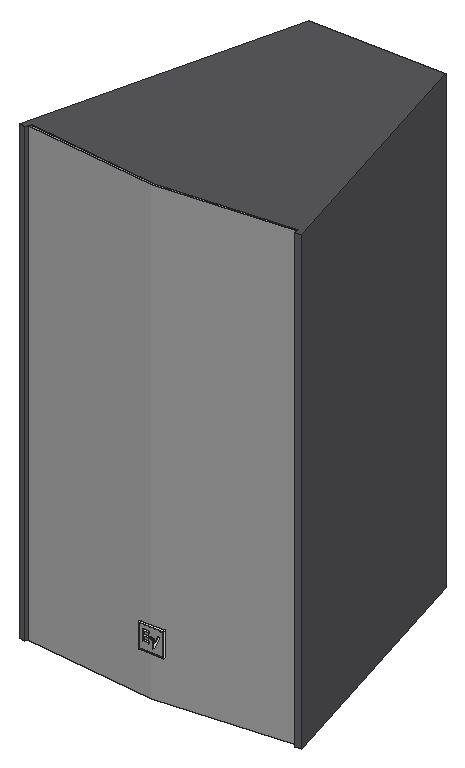
Revit family "EVF-1152D", category Communication Devices, Revit 2017 (continued)
Definition of nested family "InputPanelV"
  Lines and regions (mm)
    model lines
      curve 859: line (18.904, -4.337, 82.938) -> (18.904, -4.337, 80.821)
      curve 860: line (-0.303, -4.337, 82.936) -> (-0.303, -4.337, 80.818)
      curve 861: line (-0.303, -4.337, 80.818) -> (-0.014, -4.337, 80.818)
      curve 862: line (-0.014, -4.337, 80.818) -> (-0.014, -4.337, 82.936)
      curve 863: line (-0.014, -4.337, 82.936) -> (-0.303, -4.337, 82.936)
      curve 864: line (-0.303, -4.337, 82.936) -> (-0.303, -4.337, 83.627)
      curve 865: line (24.922, -4.337, 83.63) -> (24.922, -4.337, 82.939)
      curve 866: line (24.922, -4.337, 82.939) -> (24.635, -4.337, 82.939)
      curve 867: line (24.635, -4.337, 82.939) -> (24.635, -4.337, 80.821)
      curve 868: line (24.635, -4.337, 80.821) -> (24.923, -4.337, 80.821)
      curve 869: line (24.923, -4.337, 80.821) -> (24.922, -4.337, 82.939)
      curve 870: line (2.646, -4.337, 82.333) -> (4.834, -4.337, 84.126)
      curve 871: line (4.834, -4.337, 84.126) -> (5.167, -4.337, 83.635)
      curve 872: line (8.952, -4.337, 82.333) -> (11.141, -4.337, 84.127)
      curve 873: line (11.141, -4.337, 84.127) -> (11.473, -4.337, 83.636)
      curve 874: line (2.391, -4.337, 82.36) -> (4.343, -4.337, 83.959)
      curve 875: line (4.343, -4.337, 83.959) -> (4.343, -4.337, 84.529)
      curve 876: line (4.343, -4.337, 84.529) -> (1.855, -4.337, 82.491)
      curve 877: line (8.697, -4.337, 82.36) -> (10.649, -4.337, 83.96)
      curve 878: line (10.649, -4.337, 83.96) -> (10.649, -4.337, 84.529)
      curve 879: line (10.649, -4.337, 84.529) -> (8.162, -4.337, 82.491)
      curve 880: line (15.004, -4.337, 82.361) -> (16.955, -4.337, 83.961)
      curve 881: line (16.955, -4.337, 83.961) -> (16.955, -4.337, 84.53)
      curve 882: line (16.955, -4.337, 84.53) -> (14.468, -4.337, 82.492)
      curve 883: line (15.258, -4.337, 82.334) -> (17.447, -4.337, 84.128)
      curve 884: line (17.447, -4.337, 84.128) -> (17.779, -4.337, 83.637)
      curve 885: line (21.565, -4.337, 82.335) -> (23.753, -4.337, 84.128)
      curve 886: line (23.753, -4.337, 84.128) -> (24.086, -4.337, 83.637)
      curve 887: line (21.31, -4.337, 82.362) -> (23.262, -4.337, 83.961)
      curve 888: line (23.262, -4.337, 83.961) -> (23.262, -4.337, 84.531)
      curve 889: line (23.262, -4.337, 84.531) -> (20.774, -4.337, 82.493)
      curve 890: line (21.88, -4.337, 79.397) -> (24.923, -4.337, 79.398)
      curve 891: line (24.923, -4.337, 79.398) -> (24.924, -4.337, 73.974)
      curve 892: line (24.924, -4.337, 73.974) -> (-0.302, -4.337, 73.971)
      curve 893: line (-0.302, -4.337, 73.971) -> (-0.302, -4.337, 79.395)
      curve 894: line (24.923, -4.337, 80.821) -> (24.923, -4.337, 79.398)
      curve 895: line (24.924, -4.337, 73.974) -> (24.924, -4.337, 73.648)
      curve 896: line (24.924, -4.337, 73.648) -> (-0.302, -4.337, 73.645)
      curve 897: line (-0.302, -4.337, 73.645) -> (-0.302, -4.337, 73.971)
      curve 898: line (-0.302, -4.337, 73.971) -> (-0.429, -4.337, 73.842)
      curve 899: line (-0.429, -4.337, 73.842) -> (-0.607, -4.337, 73.72)
      curve 900: line (6.303, -4.337, 73.19) -> (11.814, -4.337, 73.191)
      curve 901: line (11.814, -4.337, 73.191) -> (11.815, -4.337, 68.976)
      curve 902: line (11.815, -4.337, 68.976) -> (6.303, -4.337, 68.975)
      curve 903: line (6.303, -4.337, 68.975) -> (6.303, -4.337, 73.19)
      curve 904: line (5.707, -4.337, 68.975) -> (0.195, -4.337, 68.974)
      curve 905: line (0.195, -4.337, 68.974) -> (0.195, -4.337, 73.19)
      curve 906: line (0.195, -4.337, 73.19) -> (5.707, -4.337, 73.19)
      curve 907: line (5.707, -4.337, 73.19) -> (5.707, -4.337, 68.975)
      curve 908: line (-0.302, -4.337, 73.645) -> (-0.301, -4.337, 68.519)
      curve 909: line (-0.301, -4.337, 68.519) -> (24.924, -4.337, 68.522)
      curve 910: line (24.924, -4.337, 68.522) -> (24.924, -4.337, 73.648)
      curve 911: line (18.915, -4.337, 73.192) -> (24.427, -4.337, 73.193)
      curve 912: line (24.427, -4.337, 73.193) -> (24.428, -4.337, 68.977)
      curve 913: line (24.428, -4.337, 68.977) -> (18.916, -4.337, 68.977)
      curve 914: line (18.916, -4.337, 68.977) -> (18.915, -4.337, 73.192)
      curve 915: line (18.32, -4.337, 68.977) -> (12.808, -4.337, 68.976)
      curve 916: line (12.808, -4.337, 68.976) -> (12.808, -4.337, 73.191)
      curve 917: line (12.808, -4.337, 73.191) -> (18.319, -4.337, 73.192)
      curve 918: line (18.319, -4.337, 73.192) -> (18.32, -4.337, 68.977)
      curve 919: line (20.082, -4.337, 73.192) -> (20.082, -4.337, 71.784)
      curve 920: line (20.082, -4.337, 71.784) -> (19.394, -4.337, 71.458)
      curve 921: line (19.394, -4.337, 71.458) -> (18.916, -4.337, 71.073)
      curve 922: line (7.47, -4.337, 73.19) -> (7.47, -4.337, 71.782)
      curve 923: line (7.47, -4.337, 71.782) -> (6.782, -4.337, 71.456)
      curve 924: line (6.782, -4.337, 71.456) -> (6.303, -4.337, 71.071)
      curve 925: line (17.152, -4.337, 73.192) -> (17.153, -4.337, 71.783)
      curve 926: line (17.153, -4.337, 71.783) -> (17.841, -4.337, 71.458)
      curve 927: line (17.841, -4.337, 71.458) -> (18.32, -4.337, 71.073)
      curve 928: line (4.54, -4.337, 73.19) -> (4.54, -4.337, 71.782)
      curve 929: line (4.54, -4.337, 71.782) -> (5.228, -4.337, 71.456)
      curve 930: line (5.228, -4.337, 71.456) -> (5.707, -4.337, 71.071)
      curve 931: line (1.163, -4.337, 73.19) -> (1.163, -4.337, 71.781)
      curve 932: line (1.163, -4.337, 71.781) -> (0.475, -4.337, 71.456)
      curve 933: line (0.475, -4.337, 71.456) -> (0.195, -4.337, 71.23)
      curve 934: line (13.776, -4.337, 73.191) -> (13.776, -4.337, 71.783)
      curve 935: line (13.776, -4.337, 71.783) -> (13.088, -4.337, 71.457)
      curve 936: line (13.088, -4.337, 71.457) -> (12.808, -4.337, 71.232)
      curve 937: line (10.846, -4.337, 73.191) -> (10.846, -4.337, 71.782)
      curve 938: line (10.846, -4.337, 71.782) -> (11.534, -4.337, 71.457)
      curve 939: line (11.815, -4.337, 71.232) -> (11.534, -4.337, 71.457)
      curve 940: line (11.534, -4.337, 71.457) -> (6.782, -4.337, 71.456)
      curve 941: line (23.459, -4.337, 73.192) -> (23.459, -4.337, 71.784)
      curve 942: line (23.459, -4.337, 71.784) -> (24.147, -4.337, 71.459)
      curve 943: line (24.147, -4.337, 71.459) -> (19.394, -4.337, 71.458)
      curve 944: line (24.427, -4.337, 71.233) -> (24.147, -4.337, 71.459)
      curve 945: line (4.54, -4.337, 71.782) -> (1.163, -4.337, 71.781)
      curve 946: line (17.153, -4.337, 71.783) -> (13.776, -4.337, 71.783)
      curve 947: line (7.47, -4.337, 71.782) -> (10.846, -4.337, 71.782)
      curve 948: line (20.082, -4.337, 71.784) -> (23.459, -4.337, 71.784)
      curve 949: line (-0.868, -4.337, 73.72) -> (-0.867, -4.337, 70.587)
      curve 950: line (-0.867, -4.337, 70.587) -> (-0.606, -4.337, 70.587)
      curve 951: line (-0.606, -4.337, 70.587) -> (-0.607, -4.337, 73.72)
      curve 952: line (-0.607, -4.337, 73.72) -> (-0.868, -4.337, 73.72)
      curve 953: line (-0.868, -4.337, 73.72) -> (-0.868, -4.337, 74.301)
      curve 954: line (-0.868, -4.337, 74.301) -> (-0.607, -4.337, 74.301)
      curve 955: line (-0.607, -4.337, 74.301) -> (-0.302, -4.337, 74.179)
      curve 956: line (-0.429, -4.337, 73.842) -> (-0.429, -4.337, 70.709)
      curve 957: line (-0.429, -4.337, 70.709) -> (-0.606, -4.337, 70.587)
      curve 958: line (5.707, -4.337, 70.073) -> (0.195, -4.337, 70.073)
      curve 959: line (18.32, -4.337, 70.075) -> (12.808, -4.337, 70.074)
      curve 960: line (11.815, -4.337, 70.074) -> (6.303, -4.337, 70.073)
      curve 961: line (24.427, -4.337, 70.076) -> (18.916, -4.337, 70.075)
      curve 962: line (5.228, -4.337, 71.456) -> (0.475, -4.337, 71.456)
      curve 963: line (17.841, -4.337, 71.458) -> (13.088, -4.337, 71.457)
      curve 964: line (-0.607, -4.337, 80.716) -> (-0.869, -4.337, 80.716)
      curve 965: line (-0.869, -4.337, 80.716) -> (-0.869, -4.337, 81.297)
      curve 966: line (-0.869, -4.337, 81.297) -> (-0.608, -4.337, 81.297)
      curve 967: line (-0.608, -4.337, 81.297) -> (-0.43, -4.337, 81.175)
      curve 968: line (-0.869, -4.337, 80.716) -> (-0.868, -4.337, 77.583)
      curve 969: line (-0.868, -4.337, 77.583) -> (-0.607, -4.337, 77.584)
      curve 970: line (15.462, -4.337, 91.808) -> (14.474, -4.337, 91.647)
      curve 971: line (14.474, -4.337, 91.647) -> (13.636, -4.337, 91.189)
      curve 972: line (13.636, -4.337, 91.189) -> (13.076, -4.337, 90.502)
      curve 973: line (13.076, -4.337, 90.502) -> (12.88, -4.337, 89.693)
      curve 974: line (12.88, -4.337, 89.693) -> (13.077, -4.337, 88.883)
      curve 975: line (13.077, -4.337, 88.883) -> (13.637, -4.337, 88.197)
      curve 976: line (13.637, -4.337, 88.197) -> (14.474, -4.337, 87.739)
      curve 977: line (14.474, -4.337, 87.739) -> (15.462, -4.337, 87.578)
      curve 978: line (15.462, -4.337, 87.578) -> (16.451, -4.337, 87.739)
      curve 979: line (16.451, -4.337, 87.739) -> (17.288, -4.337, 88.198)
      curve 980: line (17.288, -4.337, 88.198) -> (17.848, -4.337, 88.884)
      curve 981: line (17.848, -4.337, 88.884) -> (18.044, -4.337, 89.694)
      curve 982: line (18.044, -4.337, 89.694) -> (17.848, -4.337, 90.503)
      curve 983: line (17.848, -4.337, 90.503) -> (17.288, -4.337, 91.189)
      curve 984: line (17.288, -4.337, 91.189) -> (16.457, -4.337, 91.644)
      curve 985: line (16.45, -4.337, 91.647) -> (15.462, -4.337, 91.932)
      curve 986: line (15.462, -4.337, 91.932) -> (15.462, -4.337, 92.623)
      curve 987: line (15.462, -4.337, 92.623) -> (15.462, -4.337, 94.741)
      curve 988: line (15.462, -4.337, 94.741) -> (21.686, -4.337, 94.74)
      curve 989: line (2.849, -4.337, 91.807) -> (1.861, -4.337, 91.646)
      curve 990: line (1.861, -4.337, 91.646) -> (1.024, -4.337, 91.187)
      curve 991: line (1.024, -4.337, 91.187) -> (0.464, -4.337, 90.501)
      curve 992: line (0.464, -4.337, 90.501) -> (0.267, -4.337, 89.691)
      curve 993: line (0.267, -4.337, 89.691) -> (0.464, -4.337, 88.882)
      curve 994: line (0.464, -4.337, 88.882) -> (1.024, -4.337, 88.196)
      curve 995: line (1.024, -4.337, 88.196) -> (1.862, -4.337, 87.737)
      curve 996: line (1.862, -4.337, 87.737) -> (2.85, -4.337, 87.577)
      curve 997: line (2.85, -4.337, 87.577) -> (3.838, -4.337, 87.738)
      curve 998: line (3.838, -4.337, 87.738) -> (4.676, -4.337, 88.196)
      curve 999: line (4.676, -4.337, 88.196) -> (5.235, -4.337, 88.883)
      curve 1000: line (5.235, -4.337, 88.883) -> (5.432, -4.337, 89.692)
      curve 1001: line (5.432, -4.337, 89.692) -> (5.235, -4.337, 90.501)
      curve 1002: line (5.235, -4.337, 90.501) -> (4.675, -4.337, 91.188)
      curve 1003: line (4.675, -4.337, 91.188) -> (3.844, -4.337, 91.642)
      curve 1004: line (3.837, -4.337, 91.646) -> (2.849, -4.337, 91.93)
      curve 1005: line (2.849, -4.337, 91.93) -> (2.849, -4.337, 92.622)
      curve 1006: line (2.849, -4.337, 92.622) -> (2.849, -4.337, 94.74)
      curve 1007: line (2.849, -4.337, 94.74) -> (9.074, -4.337, 94.739)
      curve 1008: line (21.768, -4.337, 91.809) -> (20.78, -4.337, 91.648)
      curve 1009: line (20.78, -4.337, 91.648) -> (19.942, -4.337, 91.189)
      curve 1010: line (19.942, -4.337, 91.189) -> (19.383, -4.337, 90.503)
      curve 1011: line (19.383, -4.337, 90.503) -> (19.186, -4.337, 89.694)
      curve 1012: line (19.186, -4.337, 89.694) -> (19.383, -4.337, 88.884)
      curve 1013: line (19.383, -4.337, 88.884) -> (19.943, -4.337, 88.198)
      curve 1014: line (19.943, -4.337, 88.198) -> (20.781, -4.337, 87.74)
      curve 1015: line (20.781, -4.337, 87.74) -> (21.769, -4.337, 87.579)
      curve 1016: line (21.769, -4.337, 87.579) -> (22.757, -4.337, 87.74)
      curve 1017: line (22.757, -4.337, 87.74) -> (23.594, -4.337, 88.199)
      curve 1018: line (23.594, -4.337, 88.199) -> (24.154, -4.337, 88.885)
      curve 1019: line (24.154, -4.337, 88.885) -> (24.351, -4.337, 89.694)
      curve 1020: line (24.351, -4.337, 89.694) -> (24.154, -4.337, 90.504)
      curve 1021: line (24.154, -4.337, 90.504) -> (23.594, -4.337, 91.19)
      curve 1022: line (23.594, -4.337, 91.19) -> (22.763, -4.337, 91.644)
      curve 1023: line (22.756, -4.337, 91.648) -> (21.768, -4.337, 91.932)
      curve 1024: line (21.768, -4.337, 91.932) -> (21.768, -4.337, 92.624)
      curve 1025: line (21.768, -4.337, 92.624) -> (21.768, -4.337, 94.741)
      curve 1026: line (21.768, -4.337, 94.741) -> (24.921, -4.337, 94.741)
      curve 1027: line (9.156, -4.337, 91.808) -> (8.167, -4.337, 91.646)
      curve 1028: line (8.167, -4.337, 91.646) -> (7.33, -4.337, 91.188)
      curve 1029: line (7.33, -4.337, 91.188) -> (6.77, -4.337, 90.502)
      curve 1030: line (6.77, -4.337, 90.502) -> (6.574, -4.337, 89.692)
      curve 1031: line (6.574, -4.337, 89.692) -> (6.77, -4.337, 88.883)
      curve 1032: line (6.77, -4.337, 88.883) -> (7.33, -4.337, 88.197)
      curve 1033: line (7.33, -4.337, 88.197) -> (8.168, -4.337, 87.738)
      curve 1034: line (8.168, -4.337, 87.738) -> (9.156, -4.337, 87.577)
      curve 1035: line (9.156, -4.337, 87.577) -> (10.144, -4.337, 87.738)
      curve 1036: line (10.144, -4.337, 87.738) -> (10.982, -4.337, 88.197)
      curve 1037: line (10.982, -4.337, 88.197) -> (11.542, -4.337, 88.883)
      curve 1038: line (11.542, -4.337, 88.883) -> (11.738, -4.337, 89.693)
      curve 1039: line (11.738, -4.337, 89.693) -> (11.541, -4.337, 90.502)
      curve 1040: line (11.541, -4.337, 90.502) -> (10.981, -4.337, 91.188)
      curve 1041: line (10.981, -4.337, 91.188) -> (10.151, -4.337, 91.643)
      curve 1042: line (10.144, -4.337, 91.647) -> (9.156, -4.337, 91.93)
      curve 1043: line (9.156, -4.337, 91.93) -> (9.155, -4.337, 92.622)
      curve 1044: line (9.155, -4.337, 92.622) -> (9.155, -4.337, 94.74)
      curve 1045: line (9.155, -4.337, 94.74) -> (15.351, -4.337, 94.739)
      curve 1046: line (-0.304, -4.337, 88.878) -> (-0.303, -4.337, 88.666)
      curve 1047: line (-0.303, -4.337, 88.666) -> (0.04, -4.337, 88.666)
      curve 1048: line (0.177, -4.337, 88.745) -> (0.303, -4.337, 88.878)
      curve 1049: line (0.303, -4.337, 88.878) -> (-0.304, -4.337, 88.878)
      curve 1050: line (-0.304, -4.337, 88.878) -> (-0.304, -4.337, 90.505)
      curve 1051: line (-0.304, -4.337, 90.505) -> (0.303, -4.337, 90.505)
      curve 1052: line (6.611, -4.337, 90.506) -> (5.396, -4.337, 90.505)
      curve 1053: line (12.916, -4.337, 90.506) -> (11.701, -4.337, 90.506)
      curve 1054: line (19.223, -4.337, 90.507) -> (18.008, -4.337, 90.507)
      curve 1055: line (24.922, -4.337, 88.881) -> (24.922, -4.337, 88.669)
      curve 1056: line (24.922, -4.337, 88.669) -> (24.556, -4.337, 88.669)
      curve 1057: line (24.44, -4.337, 88.748) -> (24.314, -4.337, 88.881)
      curve 1058: line (24.314, -4.337, 88.881) -> (24.922, -4.337, 88.881)
      curve 1059: line (24.922, -4.337, 88.881) -> (24.922, -4.337, 90.508)
      curve 1060: line (24.922, -4.337, 90.508) -> (24.314, -4.337, 90.508)
      curve 1061: line (18.96, -4.337, 88.668) -> (18.281, -4.337, 88.672)
      curve 1062: line (18.135, -4.337, 88.747) -> (18.008, -4.337, 88.88)
      curve 1063: line (18.008, -4.337, 88.88) -> (19.223, -4.337, 88.88)
      curve 1064: line (19.223, -4.337, 88.88) -> (19.097, -4.337, 88.747)
      curve 1065: line (12.916, -4.337, 88.879) -> (11.701, -4.337, 88.879)
      curve 1066: line (11.701, -4.337, 88.879) -> (11.827, -4.337, 88.746)
      curve 1067: line (11.943, -4.337, 88.668) -> (12.652, -4.337, 88.668)
      curve 1068: line (12.79, -4.337, 88.746) -> (12.916, -4.337, 88.879)
      curve 1069: line (6.347, -4.337, 88.667) -> (5.669, -4.337, 88.67)
      curve 1070: line (5.522, -4.337, 88.745) -> (5.396, -4.337, 88.878)
      curve 1071: line (5.396, -4.337, 88.878) -> (6.611, -4.337, 88.879)
      curve 1072: line (6.611, -4.337, 88.879) -> (6.485, -4.337, 88.745)
      curve 1073: line (12.02, -4.337, 93.315) -> (12.02, -4.337, 91.198)
      curve 1074: line (12.02, -4.337, 91.198) -> (12.597, -4.337, 91.198)
      curve 1075: line (12.597, -4.337, 91.198) -> (12.596, -4.337, 93.315)
      curve 1076: line (12.596, -4.337, 93.315) -> (12.02, -4.337, 93.315)
      curve 1077: line (18.327, -4.337, 93.316) -> (18.904, -4.337, 93.316)
      curve 1078: line (18.904, -4.337, 93.316) -> (18.904, -4.337, 91.199)
      curve 1079: line (18.904, -4.337, 91.199) -> (18.327, -4.337, 91.199)
      curve 1080: line (18.327, -4.337, 91.199) -> (18.327, -4.337, 93.316)
      curve 1081: line (5.715, -4.337, 93.315) -> (6.291, -4.337, 93.315)
      curve 1082: line (6.291, -4.337, 93.315) -> (6.291, -4.337, 91.197)
      curve 1083: line (6.291, -4.337, 91.197) -> (5.715, -4.337, 91.197)
      curve 1084: line (5.715, -4.337, 91.197) -> (5.715, -4.337, 93.315)
      curve 1085: line (24.921, -4.337, 91.199) -> (24.921, -4.337, 93.317)
      curve 1086: line (24.921, -4.337, 93.317) -> (24.632, -4.337, 93.317)
      curve 1087: line (24.632, -4.337, 93.317) -> (24.633, -4.337, 91.199)
      curve 1088: line (24.633, -4.337, 91.199) -> (24.921, -4.337, 91.199)
      curve 1089: line (24.921, -4.337, 91.199) -> (24.922, -4.337, 90.508)
      curve 1090: line (-0.304, -4.337, 90.505) -> (-0.304, -4.337, 91.196)
      curve 1091: line (-0.304, -4.337, 91.196) -> (-0.016, -4.337, 91.196)
      curve 1092: line (-0.016, -4.337, 91.196) -> (-0.016, -4.337, 93.314)
      curve 1093: line (-0.016, -4.337, 93.314) -> (-0.304, -4.337, 93.314)
      curve 1094: line (-0.304, -4.337, 93.314) -> (-0.304, -4.337, 91.196)
      curve 1095: line (15.667, -4.337, 91.802) -> (13.478, -4.337, 90.008)
      curve 1096: line (13.478, -4.337, 90.008) -> (13.145, -4.337, 90.499)
      curve 1097: line (21.973, -4.337, 91.802) -> (19.784, -4.337, 90.009)
      curve 1098: line (19.784, -4.337, 90.009) -> (19.452, -4.337, 90.5)
      curve 1099: line (15.921, -4.337, 91.775) -> (13.97, -4.337, 90.175)
      curve 1100: line (13.97, -4.337, 90.175) -> (13.97, -4.337, 89.606)
      curve 1101: line (13.97, -4.337, 89.606) -> (16.457, -4.337, 91.644)
      curve 1102: line (22.228, -4.337, 91.775) -> (20.276, -4.337, 90.176)
      curve 1103: line (20.276, -4.337, 90.176) -> (20.276, -4.337, 89.607)
      curve 1104: line (20.276, -4.337, 89.607) -> (22.763, -4.337, 91.644)
      curve 1105: line (9.36, -4.337, 91.801) -> (7.172, -4.337, 90.008)
      curve 1106: line (7.172, -4.337, 90.008) -> (6.839, -4.337, 90.499)
      curve 1107: line (3.054, -4.337, 91.8) -> (0.865, -4.337, 90.007)
      curve 1108: line (0.865, -4.337, 90.007) -> (0.533, -4.337, 90.498)
      curve 1109: line (3.309, -4.337, 91.773) -> (1.357, -4.337, 90.174)
      curve 1110: line (1.357, -4.337, 90.174) -> (1.357, -4.337, 89.604)
      curve 1111: line (1.357, -4.337, 89.604) -> (3.844, -4.337, 91.642)
      curve 1112: line (9.615, -4.337, 91.774) -> (7.663, -4.337, 90.175)
      curve 1113: line (7.663, -4.337, 90.175) -> (7.663, -4.337, 89.605)
      curve 1114: line (7.663, -4.337, 89.605) -> (10.151, -4.337, 91.643)
      curve 1115: line (2.738, -4.337, 94.738) -> (-0.304, -4.337, 94.737)
      curve 1116: line (-0.304, -4.337, 94.737) -> (-0.305, -4.337, 100.161)
      curve 1117: line (-0.305, -4.337, 100.161) -> (24.92, -4.337, 100.165)
      curve 1118: line (24.92, -4.337, 100.165) -> (24.921, -4.337, 94.741)
      curve 1119: line (24.921, -4.337, 94.741) -> (24.921, -4.337, 93.317)
      curve 1120: line (24.921, -4.337, 93.317) -> (25.049, -4.337, 96.43)
      curve 1121: line (25.049, -4.337, 96.43) -> (25.226, -4.337, 96.552)
      curve 1122: line (-0.304, -4.337, 93.314) -> (-0.304, -4.337, 94.737)
      curve 1123: line (18.316, -4.337, 100.945) -> (12.804, -4.337, 100.944)
      curve 1124: line (12.804, -4.337, 100.944) -> (12.804, -4.337, 105.159)
      curve 1125: line (12.804, -4.337, 105.159) -> (18.315, -4.337, 105.16)
      curve 1126: line (18.315, -4.337, 105.16) -> (18.316, -4.337, 100.945)
      curve 1127: line (18.911, -4.337, 105.16) -> (24.423, -4.337, 105.161)
      curve 1128: line (24.423, -4.337, 105.161) -> (24.424, -4.337, 100.946)
      curve 1129: line (24.424, -4.337, 100.946) -> (18.912, -4.337, 100.945)
      curve 1130: line (18.912, -4.337, 100.945) -> (18.911, -4.337, 105.16)
      curve 1131: line (-0.305, -4.337, 100.487) -> (24.92, -4.337, 100.49)
      curve 1132: line (24.92, -4.337, 100.49) -> (24.92, -4.337, 105.617)
      curve 1133: line (24.92, -4.337, 105.617) -> (-0.306, -4.337, 105.614)
      curve 1134: line (-0.306, -4.337, 105.614) -> (-0.305, -4.337, 100.487)
      curve 1135: line (-0.305, -4.337, 100.487) -> (-0.305, -4.337, 100.161)
      curve 1136: line (5.703, -4.337, 100.943) -> (0.192, -4.337, 100.943)
      curve 1137: line (0.192, -4.337, 100.943) -> (0.191, -4.337, 105.158)
      curve 1138: line (0.191, -4.337, 105.158) -> (5.703, -4.337, 105.159)
      curve 1139: line (5.703, -4.337, 105.159) -> (5.703, -4.337, 100.943)
      curve 1140: line (6.299, -4.337, 105.159) -> (11.811, -4.337, 105.159)
      curve 1141: line (11.811, -4.337, 105.159) -> (11.811, -4.337, 100.944)
      curve 1142: line (11.811, -4.337, 100.944) -> (6.299, -4.337, 100.943)
      curve 1143: line (6.299, -4.337, 100.943) -> (6.299, -4.337, 105.159)
      curve 1144: line (24.92, -4.337, 100.49) -> (24.92, -4.337, 100.165)
      curve 1145: line (24.92, -4.337, 100.165) -> (25.048, -4.337, 103.426)
      curve 1146: line (25.048, -4.337, 103.426) -> (25.225, -4.337, 103.548)
      curve 1147: line (25.225, -4.337, 103.548) -> (25.225, -4.337, 100.415)
      curve 1148: line (25.225, -4.337, 100.415) -> (25.048, -4.337, 100.293)
      curve 1149: line (17.149, -4.337, 100.945) -> (17.149, -4.337, 102.353)
      curve 1150: line (17.149, -4.337, 102.353) -> (17.837, -4.337, 102.679)
      curve 1151: line (17.837, -4.337, 102.679) -> (18.316, -4.337, 103.064)
      curve 1152: line (4.536, -4.337, 100.943) -> (4.536, -4.337, 102.352)
      curve 1153: line (4.536, -4.337, 102.352) -> (5.224, -4.337, 102.677)
      curve 1154: line (5.224, -4.337, 102.677) -> (5.703, -4.337, 103.062)
      curve 1155: line (7.466, -4.337, 100.944) -> (7.466, -4.337, 102.352)
      curve 1156: line (7.466, -4.337, 102.352) -> (6.778, -4.337, 102.677)
      curve 1157: line (6.778, -4.337, 102.677) -> (6.299, -4.337, 103.062)
      curve 1158: line (20.079, -4.337, 100.945) -> (20.079, -4.337, 102.354)
      curve 1159: line (20.079, -4.337, 102.354) -> (19.391, -4.337, 102.679)
      curve 1160: line (19.391, -4.337, 102.679) -> (18.912, -4.337, 103.064)
      curve 1161: line (10.843, -4.337, 100.944) -> (10.843, -4.337, 102.352)
      curve 1162: line (10.843, -4.337, 102.352) -> (11.531, -4.337, 102.678)
      curve 1163: line (11.531, -4.337, 102.678) -> (11.811, -4.337, 102.903)
      curve 1164: line (23.455, -4.337, 100.945) -> (23.455, -4.337, 102.354)
      curve 1165: line (23.455, -4.337, 102.354) -> (24.143, -4.337, 102.679)
      curve 1166: line (24.143, -4.337, 102.679) -> (24.423, -4.337, 102.905)
      curve 1167: line (13.772, -4.337, 100.944) -> (13.772, -4.337, 102.353)
      curve 1168: line (13.772, -4.337, 102.353) -> (13.084, -4.337, 102.678)
      curve 1169: line (12.804, -4.337, 102.903) -> (13.084, -4.337, 102.678)
      curve 1170: line (13.084, -4.337, 102.678) -> (17.837, -4.337, 102.679)
      curve 1171: line (1.16, -4.337, 100.943) -> (1.16, -4.337, 102.351)
      curve 1172: line (1.16, -4.337, 102.351) -> (0.472, -4.337, 102.677)
      curve 1173: line (0.472, -4.337, 102.677) -> (5.224, -4.337, 102.677)
      curve 1174: line (0.191, -4.337, 102.902) -> (0.472, -4.337, 102.677)
      curve 1175: line (7.466, -4.337, 102.352) -> (10.843, -4.337, 102.352)
      curve 1176: line (20.079, -4.337, 102.354) -> (23.455, -4.337, 102.354)
      curve 1177: line (4.536, -4.337, 102.352) -> (1.16, -4.337, 102.351)
      curve 1178: line (17.149, -4.337, 102.353) -> (13.772, -4.337, 102.353)
      curve 1179: line (25.225, -4.337, 100.415) -> (25.486, -4.337, 100.415)
      curve 1180: line (25.486, -4.337, 100.415) -> (25.486, -4.337, 103.548)
      curve 1181: line (25.486, -4.337, 103.548) -> (25.225, -4.337, 103.548)
      curve 1182: line (25.486, -4.337, 100.415) -> (25.486, -4.337, 99.834)
      curve 1183: line (25.486, -4.337, 99.834) -> (25.225, -4.337, 99.834)
      curve 1184: line (25.225, -4.337, 99.834) -> (25.048, -4.337, 99.956)
      curve 1185: line (18.911, -4.337, 104.062) -> (24.423, -4.337, 104.063)
      curve 1186: line (6.299, -4.337, 104.06) -> (11.811, -4.337, 104.061)
      curve 1187: line (0.191, -4.337, 104.06) -> (5.703, -4.337, 104.06)
      curve 1188: line (12.804, -4.337, 104.061) -> (18.316, -4.337, 104.062)
      curve 1189: line (6.778, -4.337, 102.677) -> (11.531, -4.337, 102.678)
      curve 1190: line (19.391, -4.337, 102.679) -> (24.143, -4.337, 102.679)
      curve 1191: line (25.226, -4.337, 93.419) -> (25.049, -4.337, 93.297)
      curve 1192: line (25.487, -4.337, 93.419) -> (25.226, -4.337, 93.419)
      curve 1193: line (25.226, -4.337, 93.419) -> (25.226, -4.337, 96.552)
      curve 1194: line (25.226, -4.337, 96.552) -> (25.487, -4.337, 96.552)
      curve 1195: line (25.487, -4.337, 96.552) -> (25.487, -4.337, 93.419)
      curve 1196: line (25.487, -4.337, 93.419) -> (25.487, -4.337, 92.838)
      curve 1197: line (25.487, -4.337, 92.838) -> (25.226, -4.337, 92.838)
      curve 1198: line (25.226, -4.337, 92.838) -> (25.049, -4.337, 92.96)
      curve 1199: line (-0.104, -4.337, 67.336) -> (24.727, -4.337, 67.339)
      curve 1200: line (24.672, -4.337, 67.394) -> (-0.049, -4.337, 67.391)
      curve 1201: line (25.736, -4.337, 68.348) -> (25.731, -4.337, 105.791)
      curve 1202: line (25.676, -4.337, 105.736) -> (25.681, -4.337, 68.403)
      curve 1203: line (24.722, -4.337, 106.8) -> (-0.109, -4.337, 106.797)
      curve 1204: line (-0.106, -4.337, 106.797) -> (24.667, -4.337, 106.745)
      curve 1205: line (-1.117, -4.337, 105.788) -> (-1.113, -4.337, 68.344)
      curve 1206: line (-1.058, -4.337, 68.399) -> (-1.062, -4.337, 105.733)
      curve 1207: line (9.156, -4.337, 84.938) -> (9.156, -4.337, 86.557)
      curve 1208: line (9.156, -4.337, 86.557) -> (9.156, -4.337, 86.891)
      curve 1209: line (2.85, -4.337, 84.937) -> (2.85, -4.337, 86.556)
      curve 1210: line (2.85, -4.337, 86.556) -> (2.85, -4.337, 86.889)
      curve 1211: line (15.463, -4.337, 84.938) -> (15.463, -4.337, 86.558)
      curve 1212: line (15.463, -4.337, 86.558) -> (15.462, -4.337, 86.891)
      curve 1213: line (21.769, -4.337, 84.939) -> (21.769, -4.337, 86.559)
      curve 1214: line (21.769, -4.337, 86.559) -> (21.769, -4.337, 86.892)
      curve 1215: line (15.462, -4.337, 89.197) -> (15.462, -4.337, 87.578)
      curve 1216: line (15.462, -4.337, 87.578) -> (15.462, -4.337, 87.244)
      curve 1217: line (21.769, -4.337, 89.198) -> (21.769, -4.337, 87.579)
      curve 1218: line (21.769, -4.337, 87.579) -> (21.769, -4.337, 87.246)
      curve 1219: line (9.156, -4.337, 89.197) -> (9.156, -4.337, 87.577)
      curve 1220: line (9.156, -4.337, 87.577) -> (9.156, -4.337, 87.244)
      curve 1221: line (2.85, -4.337, 89.196) -> (2.85, -4.337, 87.577)
      curve 1222: line (2.85, -4.337, 87.577) -> (2.85, -4.337, 87.243)
Definition of nested family "L-EV"
  Parameters (values of type "L-EV")
    Material = ""
    Default Elevation = 1219.20 mm
  Reference planes
    plane 1 "Center (Front/Back)": y = 0
    plane 2: z = 0
    plane 3 "Center (Left/Right)": x = 0
  Forms (mm)
    Extrusion 1, solid, not visible
      sketch origin (18.736, -0.5, -73.012) x (1, 0, 0) y (0, 0, 1)
        loop
          arc (-38.866, 94.012) -> (-39.481, 93.758) -> (-39.736, 93.143) r 0.869
          line (-39.736, 93.143) -> (-39.736, 52.882)
          arc (-39.736, 52.882) -> (-39.481, 52.267) -> (-38.866, 52.012) r 0.869
          line (-38.866, 52.012) -> (1.395, 52.012)
          arc (1.395, 52.012) -> (2.01, 52.267) -> (2.264, 52.882) r 0.869
          line (2.264, 52.882) -> (2.264, 93.143)
          arc (2.264, 93.143) -> (2.01, 93.758) -> (1.395, 94.012) r 0.869
          line (1.395, 94.012) -> (-38.866, 94.012)
      from 0 to -0.5
    Extrusion 2, solid, detail levels fine
      sketch origin (18.736, 4, -73.24) x (1, 0, 0) y (0, 0, 1)
        loop
          line (-37.736, 92.24) -> (-37.736, 54.24) -> (0.264, 54.24) -> (0.264, 92.24) -> (-37.736, 92.24)
        loop
          line (-33.659, 85.319) -> (-33.659, 66.596) -> (-21.783, 66.596) -> (-21.783, 70.665) -> (-29.2, 70.665) -> (-29.2, 73.924) -> (-21.783, 73.924) -> (-21.783, 77.992) -> (-29.2, 77.992) -> (-29.2, 81.251) -> (-21.783, 81.251) -> (-21.783, 85.319) -> (-33.659, 85.319)
        loop
          line (-20.026, 77.992) -> (-20.026, 73.924) -> (-17.153, 73.924) -> (-17.153, 59.688) -> (-12.74, 59.688) -> (-2.619, 82.277) -> (-7.421, 82.277) -> (-12.694, 70.408) -> (-12.694, 77.992) -> (-20.026, 77.992)
      from 4.5 to 5
    Extrusion 3, solid, detail levels medium+fine
      sketch origin (0, 0, 0) x (1, 0, 0) y (0, 0, 1)
        loop
          line (19.816, 21) -> (-19.816, 21)
          arc (-19.816, 21) -> (-20.653, 20.653) -> (-21, 19.816) r 1.184
          line (-21, 19.816) -> (-21, -19.816)
          arc (-21, -19.816) -> (-20.653, -20.653) -> (-19.816, -21) r 1.184
          line (-19.816, -21) -> (19.816, -21)
          arc (19.816, -21) -> (20.653, -20.653) -> (21, -19.816) r 1.184
          line (21, -19.816) -> (21, 19.816)
          arc (21, 19.816) -> (20.653, 20.653) -> (19.816, 21) r 1.184
      from -1 to 0.5
Types (36, lengths in mm): name | ProductInformation | PlanningTools | ModelNumber | MaterialRALColour | LoudspeakerMaterial | GrillMaterial | CTN | InstallationManual | Description | ArchitectsAndEngineersSpecs
  EVF1152D43BLB_Black_40X30_1X15_Two-Way | "https://www.electrovoice.com/binary/EVF-1152D-43_Engineering_Data_Sheet.PDF" | "https://www.electrovoice.com/product.php?id=1098#downloads" | "F.01U.272.562" | "RAL9004" | 13-plyWeather-resistantBirchEVCoat -RAL9004 | 16GA Powder-coatedGalvanneal - B | "EVF1152D43BLB" | "https://www.electrovoice.com/binary/EVF-1152D-43_Engineering_Data_Sheet.PDF" | "DH7N 76 mm diaphragm, 36 mm exit pure titanium compression driver. DVX3151A 381 mm. LF transducer with fully symmetric drive. Coverage pattern: 40° x 30°. 100 dB sensitivity, 134 dB maximum SPL. System rating: 600 W continuous, 2400 W peak. Active rating: LF 500 W/HF 75 W continuous (2000 W/300 W peak). (22) M10 threaded suspension points. PI version available with gland nut and stainless-steel grille" | "https://www.electrovoice.com/binary/EVF-1152D-43_Engineering_Data_Sheet.PDF"
  EVF1152D43FBLB_Black_40X30_Fiberglass_Weatherized | "https://www.electrovoice.com/binary/EVF-1152D-43_Engineering_Data_Sheet.PDF" | "https://www.electrovoice.com/product.php?id=1098#downloads" | "F.01U.272.949" | "RAL9004" | 13-plyWeather-resistantBirchEVCoat -RAL9004 | 16GA Powder-coatedGalvanneal - B | "EVF1152D43FBLB" | "https://www.electrovoice.com/binary/EVF-1152D-43_Engineering_Data_Sheet.PDF" | "DH7N 76 mm diaphragm, 36 mm exit pure titanium compression driver. DVX3151A 381 mm. LF transducer with fully symmetric drive. Coverage pattern: 40° x 30°. 100 dB sensitivity, 134 dB maximum SPL. System rating: 600 W continuous, 2400 W peak. Active rating: LF 500 W/HF 75 W continuous (2000 W/300 W peak). (22) M10 threaded suspension points. PI version available with gland nut and stainless-steel grille" | "https://www.electrovoice.com/binary/EVF-1152D-43_Engineering_Data_Sheet.PDF"
  EVF1152D43FWLB_White_40X30_Fiberglass_Weatherized | "https://www.electrovoice.com/binary/EVF-1152D-43_Engineering_Data_Sheet.PDF" | "https://www.electrovoice.com/product.php?id=1098#downloads" | "F.01U.272.950" | "RAL9010" | 13-plyWeather-resistantBirchEVCoat -RAL9010 | 16GA Powder-coatedGalvanneal - W | "EVF1152D43FWLB" | "https://www.electrovoice.com/binary/EVF-1152D-43_Engineering_Data_Sheet.PDF" | "DH7N 76 mm diaphragm, 36 mm exit pure titanium compression driver. DVX3151A 381 mm. LF transducer with fully symmetric drive. Coverage pattern: 40° x 30°. 100 dB sensitivity, 134 dB maximum SPL. System rating: 600 W continuous, 2400 W peak. Active rating: LF 500 W/HF 75 W continuous (2000 W/300 W peak). (22) M10 threaded suspension points. PI version available with gland nut and stainless-steel grille" | "https://www.electrovoice.com/binary/EVF-1152D-43_Engineering_Data_Sheet.PDF"
  EVF1152D43PBLB_Black_40X30_1X15_Weatherized | "https://www.electrovoice.com/binary/EVF-1152D-43_Engineering_Data_Sheet.PDF" | "https://www.electrovoice.com/product.php?id=1098#downloads" | "F.01U.272.564" | "RAL9004" | 13-plyWeather-resistantBirchEVCoat -RAL9004 | 16GA Powder-coatedGalvanneal - B | "EVF1152D43PBLB" | "https://www.electrovoice.com/binary/EVF-1152D-43_Engineering_Data_Sheet.PDF" | "DH7N 76 mm diaphragm, 36 mm exit pure titanium compression driver. DVX3151A 381 mm. LF transducer with fully symmetric drive. Coverage pattern: 40° x 30°. 100 dB sensitivity, 134 dB maximum SPL. System rating: 600 W continuous, 2400 W peak. Active rating: LF 500 W/HF 75 W continuous (2000 W/300 W peak). (22) M10 threaded suspension points. PI version available with gland nut and stainless-steel grille" | "https://www.electrovoice.com/binary/EVF-1152D-43_Engineering_Data_Sheet.PDF"
  EVF1152D43PWLB_White_40X30_1X15_Weatherized | "https://www.electrovoice.com/binary/EVF-1152D-43_Engineering_Data_Sheet.PDF" | "https://www.electrovoice.com/product.php?id=1098#downloads" | "F.01U.272.565" | "RAL9010" | 13-plyWeather-resistantBirchEVCoat -RAL9010 | 16GA Powder-coatedGalvanneal - W | "EVF1152D43PWLB" | "https://www.electrovoice.com/binary/EVF-1152D-43_Engineering_Data_Sheet.PDF" | "DH7N 76 mm diaphragm, 36 mm exit pure titanium compression driver. DVX3151A 381 mm. LF transducer with fully symmetric drive. Coverage pattern: 40° x 30°. 100 dB sensitivity, 134 dB maximum SPL. System rating: 600 W continuous, 2400 W peak. Active rating: LF 500 W/HF 75 W continuous (2000 W/300 W peak). (22) M10 threaded suspension points. PI version available with gland nut and stainless-steel grille" | "https://www.electrovoice.com/binary/EVF-1152D-43_Engineering_Data_Sheet.PDF"
  EVF1152D43WLB_White_40X30_1X15_Two-Way | "https://www.electrovoice.com/binary/EVF-1152D-43_Engineering_Data_Sheet.PDF" | "https://www.electrovoice.com/product.php?id=1098#downloads" | "F.01U.272.563" | "RAL9010" | 13-plyWeather-resistantBirchEVCoat -RAL9010 | 16GA Powder-coatedGalvanneal - W | "EVF1152D43WLB" | "https://www.electrovoice.com/binary/EVF-1152D-43_Engineering_Data_Sheet.PDF" | "DH7N 76 mm diaphragm, 36 mm exit pure titanium compression driver. DVX3151A 381 mm. LF transducer with fully symmetric drive. Coverage pattern: 40° x 30°. 100 dB sensitivity, 134 dB maximum SPL. System rating: 600 W continuous, 2400 W peak. Active rating: LF 500 W/HF 75 W continuous (2000 W/300 W peak). (22) M10 threaded suspension points. PI version available with gland nut and stainless-steel grille" | "https://www.electrovoice.com/binary/EVF-1152D-43_Engineering_Data_Sheet.PDF"
  EVF1152D64BLB_Black_60X40_1X15_Two-Way | "https://www.electrovoice.com/binary/EVF-1152D-64_Engineering_Data_Sheet.PDF" | "https://www.electrovoice.com/product.php?id=1099#downloads" | "F.01U.272.566" | "RAL9004" | 13-plyWeather-resistantBirchEVCoat -RAL9004 | 16GA Powder-coatedGalvanneal - B | "EVF1152D64BLB" | "https://www.electrovoice.com/binary/EVF-1152D-64_Engineering_Data_Sheet.PDF" | "DH7N 76 mm diaphragm, 36 mm exit pure titanium compression driver. DVX3151A 381 mm. LF transducer with fully symmetric drive. Coverage pattern: 60° x 40°. 100 dB sensitivity, 134 dB maximum SPL. System rating: 600 W continuous, 2400 W peak. Active rating: LF 500 W/HF 75 W continuous (2000 W/300 W peak). (22) M10 threaded suspension points. PI version available with gland nut and stainless-steel grille" | "https://www.electrovoice.com/binary/EVF-1152D-64_Engineering_Data_Sheet.PDF"
  EVF1152D64FBLB_ Black_60X40_Fiberglass_Weatherized | "https://www.electrovoice.com/binary/EVF-1152D-64_Engineering_Data_Sheet.PDF" | "https://www.electrovoice.com/product.php?id=1099#downloads" | "F.01U.272.951" | "RAL9004" | 13-plyWeather-resistantBirchEVCoat -RAL9004 | 16GA Powder-coatedGalvanneal - B | "EVF1152D64FBLB" | "https://www.electrovoice.com/binary/EVF-1152D-64_Engineering_Data_Sheet.PDF" | "DH7N 76 mm diaphragm, 36 mm exit pure titanium compression driver. DVX3151A 381 mm. LF transducer with fully symmetric drive. Coverage pattern: 60° x 40°. 100 dB sensitivity, 134 dB maximum SPL. System rating: 600 W continuous, 2400 W peak. Active rating: LF 500 W/HF 75 W continuous (2000 W/300 W peak). (22) M10 threaded suspension points. PI version available with gland nut and stainless-steel grille" | "https://www.electrovoice.com/binary/EVF-1152D-64_Engineering_Data_Sheet.PDF"
  EVF1152D64FWLB_White_60X40_Fiberglass_Weatherized | "https://www.electrovoice.com/binary/EVF-1152D-64_Engineering_Data_Sheet.PDF" | "https://www.electrovoice.com/product.php?id=1099#downloads" | "F.01U.272.952" | "RAL9010" | 13-plyWeather-resistantBirchEVCoat -RAL9010 | 16GA Powder-coatedGalvanneal - W | "EVF1152D64FWLB" | "https://www.electrovoice.com/binary/EVF-1152D-64_Engineering_Data_Sheet.PDF" | "DH7N 76 mm diaphragm, 36 mm exit pure titanium compression driver. DVX3151A 381 mm. LF transducer with fully symmetric drive. Coverage pattern: 60° x 40°. 100 dB sensitivity, 134 dB maximum SPL. System rating: 600 W continuous, 2400 W peak. Active rating: LF 500 W/HF 75 W continuous (2000 W/300 W peak). (22) M10 threaded suspension points. PI version available with gland nut and stainless-steel grille" | "https://www.electrovoice.com/binary/EVF-1152D-64_Engineering_Data_Sheet.PDF"
  EVF1152D64PBLB_Black_60X40_1X15_Weatherized | "https://www.electrovoice.com/binary/EVF-1152D-64_Engineering_Data_Sheet.PDF" | "https://www.electrovoice.com/product.php?id=1099#downloads" | "F.01U.272.568" | "RAL9004" | 13-plyWeather-resistantBirchEVCoat -RAL9004 | 16GA Powder-coatedGalvanneal - B | "EVF1152D64PBLB" | "https://www.electrovoice.com/binary/EVF-1152D-64_Engineering_Data_Sheet.PDF" | "DH7N 76 mm diaphragm, 36 mm exit pure titanium compression driver. DVX3151A 381 mm. LF transducer with fully symmetric drive. Coverage pattern: 60° x 40°. 100 dB sensitivity, 134 dB maximum SPL. System rating: 600 W continuous, 2400 W peak. Active rating: LF 500 W/HF 75 W continuous (2000 W/300 W peak). (22) M10 threaded suspension points. PI version available with gland nut and stainless-steel grille" | "https://www.electrovoice.com/binary/EVF-1152D-64_Engineering_Data_Sheet.PDF"
  EVF1152D64PWLB_White_60X40_1X15_ Weatherized | "https://www.electrovoice.com/binary/EVF-1152D-64_Engineering_Data_Sheet.PDF" | "https://www.electrovoice.com/product.php?id=1099#downloads" | "F.01U.272.569" | "RAL9010" | 13-plyWeather-resistantBirchEVCoat -RAL9010 | 16GA Powder-coatedGalvanneal - W | "EVF1152D64PWLB" | "https://www.electrovoice.com/binary/EVF-1152D-64_Engineering_Data_Sheet.PDF" | "DH7N 76 mm diaphragm, 36 mm exit pure titanium compression driver. DVX3151A 381 mm. LF transducer with fully symmetric drive. Coverage pattern: 60° x 40°. 100 dB sensitivity, 134 dB maximum SPL. System rating: 600 W continuous, 2400 W peak. Active rating: LF 500 W/HF 75 W continuous (2000 W/300 W peak). (22) M10 threaded suspension points. PI version available with gland nut and stainless-steel grille" | "https://www.electrovoice.com/binary/EVF-1152D-64_Engineering_Data_Sheet.PDF"
  EVF1152D64WLB_White_60X40_1X15_Two-Way | "https://www.electrovoice.com/binary/EVF-1152D-64_Engineering_Data_Sheet.PDF" | "https://www.electrovoice.com/product.php?id=1099#downloads" | "F.01U.272.567" | "RAL9010" | 13-plyWeather-resistantBirchEVCoat -RAL9010 | 16GA Powder-coatedGalvanneal - W | "EVF1152D64WLB" | "https://www.electrovoice.com/binary/EVF-1152D-64_Engineering_Data_Sheet.PDF" | "DH7N 76 mm diaphragm, 36 mm exit pure titanium compression driver. DVX3151A 381 mm. LF transducer with fully symmetric drive. Coverage pattern: 60° x 40°. 100 dB sensitivity, 134 dB maximum SPL. System rating: 600 W continuous, 2400 W peak. Active rating: LF 500 W/HF 75 W continuous (2000 W/300 W peak). (22) M10 threaded suspension points. PI version available with gland nut and stainless-steel grille" | "https://www.electrovoice.com/binary/EVF-1152D-64_Engineering_Data_Sheet.PDF"
  EVF1152D66BLB_Black_60X60_1X15_Two--Way | "https://www.electrovoice.com/binary/EVF-1152D-66_Engineering_Data_Sheet.PDF" | "https://www.electrovoice.com/product.php?id=1100#downloads" | "F.01U.272.570" | "RAL9004" | 13-plyWeather-resistantBirchEVCoat -RAL9004 | 16GA Powder-coatedGalvanneal - B | "EVF1152D66BLB" | "https://www.electrovoice.com/binary/EVF-1152D-66_Engineering_Data_Sheet.PDF" | "DH7N 76 mm diaphragm, 36 mm exit pure titanium compression driver. DVX3151A 381 mm. LF transducer with fully symmetric drive. Coverage pattern: 60° x 60°. 100 dB sensitivity, 134 dB maximum SPL. System rating: 600 W continuous, 2400 W peak. Active rating: LF 500 W/HF 75 W continuous (2000 W/300 W peak). (22) M10 threaded suspension points. PI version available with gland nut and stainless-steel grille" | "https://www.electrovoice.com/binary/EVF-1152D-66_Engineering_Data_Sheet.PDF"
  EVF1152D66FBLB_Black_60X60_Fiberglass_Weatherized | "https://www.electrovoice.com/binary/EVF-1152D-66_Engineering_Data_Sheet.PDF" | "https://www.electrovoice.com/product.php?id=1100#downloads" | "F.01U.272.953" | "RAL9004" | 13-plyWeather-resistantBirchEVCoat -RAL9004 | 16GA Powder-coatedGalvanneal - B | "EVF1152D66FBLB" | "https://www.electrovoice.com/binary/EVF-1152D-66_Engineering_Data_Sheet.PDF" | "DH7N 76 mm diaphragm, 36 mm exit pure titanium compression driver. DVX3151A 381 mm. LF transducer with fully symmetric drive. Coverage pattern: 60° x 60°. 100 dB sensitivity, 134 dB maximum SPL. System rating: 600 W continuous, 2400 W peak. Active rating: LF 500 W/HF 75 W continuous (2000 W/300 W peak). (22) M10 threaded suspension points. PI version available with gland nut and stainless-steel grille" | "https://www.electrovoice.com/binary/EVF-1152D-66_Engineering_Data_Sheet.PDF"
  EVF1152D66FWLB_White_60X60_Fiberglass_Weatherized | "https://www.electrovoice.com/binary/EVF-1152D-66_Engineering_Data_Sheet.PDF" | "https://www.electrovoice.com/product.php?id=1100#downloads" | "F.01U.272.954" | "White" | 13-plyWeather-resistantBirchEVCoat -RAL9010 | 16GA Powder-coatedGalvanneal - W | "EVF1152D66FWLB" | "https://www.electrovoice.com/binary/EVF-1152D-66_Engineering_Data_Sheet.PDF" | "DH7N 76 mm diaphragm, 36 mm exit pure titanium compression driver. DVX3151A 381 mm. LF transducer with fully symmetric drive. Coverage pattern: 60° x 60°. 100 dB sensitivity, 134 dB maximum SPL. System rating: 600 W continuous, 2400 W peak. Active rating: LF 500 W/HF 75 W continuous (2000 W/300 W peak). (22) M10 threaded suspension points. PI version available with gland nut and stainless-steel grille" | "https://www.electrovoice.com/binary/EVF-1152D-66_Engineering_Data_Sheet.PDF"
  EVF1152D66PBLB_Black_60X60_1X15_Weatherized | "https://www.electrovoice.com/binary/EVF-1152D-66_Engineering_Data_Sheet.PDF" | "https://www.electrovoice.com/product.php?id=1100#downloads" | "F.01U.272.572" | "RAL9004" | 13-plyWeather-resistantBirchEVCoat -RAL9004 | 16GA Powder-coatedGalvanneal - B | "EVF1152D66PBLB" | "https://www.electrovoice.com/binary/EVF-1152D-66_Engineering_Data_Sheet.PDF" | "DH7N 76 mm diaphragm, 36 mm exit pure titanium compression driver. DVX3151A 381 mm. LF transducer with fully symmetric drive. Coverage pattern: 60° x 60°. 100 dB sensitivity, 134 dB maximum SPL. System rating: 600 W continuous, 2400 W peak. Active rating: LF 500 W/HF 75 W continuous (2000 W/300 W peak). (22) M10 threaded suspension points. PI version available with gland nut and stainless-steel grille" | "https://www.electrovoice.com/binary/EVF-1152D-66_Engineering_Data_Sheet.PDF"
  EVF1152D66PWLB_White_60X60_1X15_Weatherized | "https://www.electrovoice.com/binary/EVF-1152D-66_Engineering_Data_Sheet.PDF" | "https://www.electrovoice.com/product.php?id=1100#downloads" | "F.01U.272.573" | "RAL9010" | 13-plyWeather-resistantBirchEVCoat -RAL9010 | 16GA Powder-coatedGalvanneal - W | "EVF1152D66PWLB" | "https://www.electrovoice.com/binary/EVF-1152D-66_Engineering_Data_Sheet.PDF" | "DH7N 76 mm diaphragm, 36 mm exit pure titanium compression driver. DVX3151A 381 mm. LF transducer with fully symmetric drive. Coverage pattern: 60° x 60°. 100 dB sensitivity, 134 dB maximum SPL. System rating: 600 W continuous, 2400 W peak. Active rating: LF 500 W/HF 75 W continuous (2000 W/300 W peak). (22) M10 threaded suspension points. PI version available with gland nut and stainless-steel grille" | "https://www.electrovoice.com/binary/EVF-1152D-66_Engineering_Data_Sheet.PDF"
  EVF1152D66WLB_White_60X60_1X15_Two-Way | "https://www.electrovoice.com/binary/EVF-1152D-66_Engineering_Data_Sheet.PDF" | "https://www.electrovoice.com/product.php?id=1100#downloads" | "F.01U.272.571" | "RAL9010" | 13-plyWeather-resistantBirchEVCoat -RAL9010 | 16GA Powder-coatedGalvanneal - W | "EVF1152D66WLB" | "https://www.electrovoice.com/binary/EVF-1152D-66_Engineering_Data_Sheet.PDF" | "DH7N 76 mm diaphragm, 36 mm exit pure titanium compression driver. DVX3151A 381 mm. LF transducer with fully symmetric drive. Coverage pattern: 60° x 60°. 100 dB sensitivity, 134 dB maximum SPL. System rating: 600 W continuous, 2400 W peak. Active rating: LF 500 W/HF 75 W continuous (2000 W/300 W peak). (22) M10 threaded suspension points. PI version available with gland nut and stainless-steel grille" | "https://www.electrovoice.com/binary/EVF-1152D-66_Engineering_Data_Sheet.PDF"
  EVF1152D94BLB_Black_90X40_1X15_Two-Way | "https://www.electrovoice.com/binary/EVF-1152D-94_Engineering_Data_Sheet.PDF" | "https://www.electrovoice.com/product.php?id=1101#downloads" | "F.01U.272.574" | "RAL9004" | 13-plyWeather-resistantBirchEVCoat -RAL9004 | 16GA Powder-coatedGalvanneal - B | "EVF1152D94BLB" | "https://www.electrovoice.com/binary/EVF-1152D-94_Engineering_Data_Sheet.PDF" | "DH7N 76 mm diaphragm, 36 mm exit pure titanium compression driver. DVX3151A 381 mm. LF transducer with fully symmetric drive. Coverage pattern: 90° x 40°. 100 dB sensitivity, 134 dB maximum SPL. System rating: 600 W continuous, 2400 W peak. Active rating: LF 500 W/HF 75 W continuous (2000 W/300 W peak). (22) M10 threaded suspension points. PI version available with gland nut and stainless-steel grille" | "https://www.electrovoice.com/binary/EVF-1152D-94_Engineering_Data_Sheet.PDF"
  EVF1152D94FBLB_Black_90X40_Fiberglass_Weatherized | "https://www.electrovoice.com/binary/EVF-1152D-94_Engineering_Data_Sheet.PDF" | "https://www.electrovoice.com/product.php?id=1101#downloads" | "F.01U.272.955" | "RAL9004" | 13-plyWeather-resistantBirchEVCoat -RAL9004 | 16GA Powder-coatedGalvanneal - B | "EVF1152D94FBLB" | "https://www.electrovoice.com/binary/EVF-1152D-94_Engineering_Data_Sheet.PDF" | "DH7N 76 mm diaphragm, 36 mm exit pure titanium compression driver. DVX3151A 381 mm. LF transducer with fully symmetric drive. Coverage pattern: 90° x 40°. 100 dB sensitivity, 134 dB maximum SPL. System rating: 600 W continuous, 2400 W peak. Active rating: LF 500 W/HF 75 W continuous (2000 W/300 W peak). (22) M10 threaded suspension points. PI version available with gland nut and stainless-steel grille" | "https://www.electrovoice.com/binary/EVF-1152D-94_Engineering_Data_Sheet.PDF"
  EVF1152D94FWLB_White_90X40_Fiberglass_Weatherized | "https://www.electrovoice.com/binary/EVF-1152D-94_Engineering_Data_Sheet.PDF" | "https://www.electrovoice.com/product.php?id=1101#downloads" | "F.01U.272.956" | "RAL9010" | 13-plyWeather-resistantBirchEVCoat -RAL9010 | 16GA Powder-coatedGalvanneal - W | "EVF1152D94FWLB" | "https://www.electrovoice.com/binary/EVF-1152D-94_Engineering_Data_Sheet.PDF" | "DH7N 76 mm diaphragm, 36 mm exit pure titanium compression driver. DVX3151A 381 mm. LF transducer with fully symmetric drive. Coverage pattern: 90° x 40°. 100 dB sensitivity, 134 dB maximum SPL. System rating: 600 W continuous, 2400 W peak. Active rating: LF 500 W/HF 75 W continuous (2000 W/300 W peak). (22) M10 threaded suspension points. PI version available with gland nut and stainless-steel grille" | "https://www.electrovoice.com/binary/EVF-1152D-94_Engineering_Data_Sheet.PDF"
  EVF1152D94PBLB_Black_90X40_1X15_Weatherized | "https://www.electrovoice.com/binary/EVF-1152D-94_Engineering_Data_Sheet.PDF" | "https://www.electrovoice.com/product.php?id=1101#downloads" | "F.01U.272.576" | "RAL9004" | 13-plyWeather-resistantBirchEVCoat -RAL9004 | 16GA Powder-coatedGalvanneal - B | "EVF1152D94PBLB" | "https://www.electrovoice.com/binary/EVF-1152D-94_Engineering_Data_Sheet.PDF" | "DH7N 76 mm diaphragm, 36 mm exit pure titanium compression driver. DVX3151A 381 mm. LF transducer with fully symmetric drive. Coverage pattern: 90° x 40°. 100 dB sensitivity, 134 dB maximum SPL. System rating: 600 W continuous, 2400 W peak. Active rating: LF 500 W/HF 75 W continuous (2000 W/300 W peak). (22) M10 threaded suspension points. PI version available with gland nut and stainless-steel grille" | "https://www.electrovoice.com/binary/EVF-1152D-94_Engineering_Data_Sheet.PDF"
  EVF1152D94PWLB_White_90X40_1X15_Weatherized | "https://www.electrovoice.com/binary/EVF-1152D-94_Engineering_Data_Sheet.PDF" | "https://www.electrovoice.com/product.php?id=1101#downloads" | "F.01U.272.577" | "RAL9010" | 13-plyWeather-resistantBirchEVCoat -RAL9010 | 16GA Powder-coatedGalvanneal - W | "EVF1152D94PWLB" | "https://www.electrovoice.com/binary/EVF-1152D-94_Engineering_Data_Sheet.PDF" | "DH7N 76 mm diaphragm, 36 mm exit pure titanium compression driver. DVX3151A 381 mm. LF transducer with fully symmetric drive. Coverage pattern: 90° x 40°. 100 dB sensitivity, 134 dB maximum SPL. System rating: 600 W continuous, 2400 W peak. Active rating: LF 500 W/HF 75 W continuous (2000 W/300 W peak). (22) M10 threaded suspension points. PI version available with gland nut and stainless-steel grille" | "https://www.electrovoice.com/binary/EVF-1152D-94_Engineering_Data_Sheet.PDF"
  EVF1152D94WLB_White_90X40_1X15_Two-Way | "https://www.electrovoice.com/binary/EVF-1152D-94_Engineering_Data_Sheet.PDF" | "https://www.electrovoice.com/product.php?id=1101#downloads" | "F.01U.272.575" | "RAL9010" | 13-plyWeather-resistantBirchEVCoat -RAL9010 | 16GA Powder-coatedGalvanneal - W | "EVF1152D94WLB" | "https://www.electrovoice.com/binary/EVF-1152D-94_Engineering_Data_Sheet.PDF" | "DH7N 76 mm diaphragm, 36 mm exit pure titanium compression driver. DVX3151A 381 mm. LF transducer with fully symmetric drive. Coverage pattern: 90° x 40°. 100 dB sensitivity, 134 dB maximum SPL. System rating: 600 W continuous, 2400 W peak. Active rating: LF 500 W/HF 75 W continuous (2000 W/300 W peak). (22) M10 threaded suspension points. PI version available with gland nut and stainless-steel grille" | "https://www.electrovoice.com/binary/EVF-1152D-94_Engineering_Data_Sheet.PDF"
  EVF1152D96BLB_Black_90X60_1X15_Two-Way | "https://www.electrovoice.com/binary/EVF-1152D-96_Engineering_Data_Sheet.PDF" | "https://www.electrovoice.com/product.php?id=1102#downloads" | "F.01U.272.578" | "RAL9004" | 13-plyWeather-resistantBirchEVCoat -RAL9004 | 16GA Powder-coatedGalvanneal - B | "EVF1152D96BLB" | "https://www.electrovoice.com/binary/EVF-1152D-96_Engineering_Data_Sheet.PDF" | "DH7N 76 mm diaphragm, 36 mm exit pure titanium compression driver. DVX3151A 381 mm. LF transducer with fully symmetric drive. Coverage pattern: 90° x 60°. 100 dB sensitivity, 134 dB maximum SPL. System rating: 600 W continuous, 2400 W peak. Active rating: LF 500 W/HF 75 W continuous (2000 W/300 W peak). (22) M10 threaded suspension points. PI version available with gland nut and stainless-steel grille" | "https://www.electrovoice.com/binary/EVF-1152D-96_Engineering_Data_Sheet.PDF"
  EVF1152D96FBLB_Black_90X60_Fiberglass_Weatherized | "https://www.electrovoice.com/binary/EVF-1152D-96_Engineering_Data_Sheet.PDF" | "https://www.electrovoice.com/product.php?id=1102#downloads" | "F.01U.272.957" | "RAL9004" | 13-plyWeather-resistantBirchEVCoat -RAL9004 | 16GA Powder-coatedGalvanneal - B | "EVF1152D96FBLB" | "https://www.electrovoice.com/binary/EVF-1152D-96_Engineering_Data_Sheet.PDF" | "DH7N 76 mm diaphragm, 36 mm exit pure titanium compression driver. DVX3151A 381 mm. LF transducer with fully symmetric drive. Coverage pattern: 90° x 60°. 100 dB sensitivity, 134 dB maximum SPL. System rating: 600 W continuous, 2400 W peak. Active rating: LF 500 W/HF 75 W continuous (2000 W/300 W peak). (22) M10 threaded suspension points. PI version available with gland nut and stainless-steel grille" | "https://www.electrovoice.com/binary/EVF-1152D-96_Engineering_Data_Sheet.PDF"
  EVF1152D96FWLB_White_90X60_Fiberglass_Weatherized | "https://www.electrovoice.com/binary/EVF-1152D-96_Engineering_Data_Sheet.PDF" | "https://www.electrovoice.com/product.php?id=1102#downloads" | "F.01U.272.958" | "RAL9010" | 13-plyWeather-resistantBirchEVCoat -RAL9010 | 16GA Powder-coatedGalvanneal - W | "EVF1152D96FWLB" | "https://www.electrovoice.com/binary/EVF-1152D-96_Engineering_Data_Sheet.PDF" | "DH7N 76 mm diaphragm, 36 mm exit pure titanium compression driver. DVX3151A 381 mm. LF transducer with fully symmetric drive. Coverage pattern: 90° x 60°. 100 dB sensitivity, 134 dB maximum SPL. System rating: 600 W continuous, 2400 W peak. Active rating: LF 500 W/HF 75 W continuous (2000 W/300 W peak). (22) M10 threaded suspension points. PI version available with gland nut and stainless-steel grille" | "https://www.electrovoice.com/binary/EVF-1152D-96_Engineering_Data_Sheet.PDF"
  EVF1152D96PBLB_Black_90X60_1X15_Weatherized | "https://www.electrovoice.com/binary/EVF-1152D-96_Engineering_Data_Sheet.PDF" | "https://www.electrovoice.com/product.php?id=1102#downloads" | "F.01U.272.580" | "RAL9004" | 13-plyWeather-resistantBirchEVCoat -RAL9004 | 16GA Powder-coatedGalvanneal - B | "EVF1152D96PBLB" | "https://www.electrovoice.com/binary/EVF-1152D-96_Engineering_Data_Sheet.PDF" | "DH7N 76 mm diaphragm, 36 mm exit pure titanium compression driver. DVX3151A 381 mm. LF transducer with fully symmetric drive. Coverage pattern: 90° x 60°. 100 dB sensitivity, 134 dB maximum SPL. System rating: 600 W continuous, 2400 W peak. Active rating: LF 500 W/HF 75 W continuous (2000 W/300 W peak). (22) M10 threaded suspension points. PI version available with gland nut and stainless-steel grille" | "https://www.electrovoice.com/binary/EVF-1152D-96_Engineering_Data_Sheet.PDF"
  EVF1152D96WLB_White_90X60_1X15_Two-Way | "https://www.electrovoice.com/binary/EVF-1152D-96_Engineering_Data_Sheet.PDF" | "https://www.electrovoice.com/product.php?id=1102#downloads" | "F.01U.272.579" | "RAL9010" | 13-plyWeather-resistantBirchEVCoat -RAL9010 | 16GA Powder-coatedGalvanneal - W | "EVF1152D96WLB" | "https://www.electrovoice.com/binary/EVF-1152D-96_Engineering_Data_Sheet.PDF" | "DH7N 76 mm diaphragm, 36 mm exit pure titanium compression driver. DVX3151A 381 mm. LF transducer with fully symmetric drive. Coverage pattern: 90° x 60°. 100 dB sensitivity, 134 dB maximum SPL. System rating: 600 W continuous, 2400 W peak. Active rating: LF 500 W/HF 75 W continuous (2000 W/300 W peak). (22) M10 threaded suspension points. PI version available with gland nut and stainless-steel grille" | "https://www.electrovoice.com/binary/EVF-1152D-96_Engineering_Data_Sheet.PDF"
  EVF1152D99BLB-Black_90X90_1X15_Two-Way | "https://www.electrovoice.com/binary/EVF-1152D-99-FG_Engineering_Data_Sheet.PDF" | "https://www.electrovoice.com/product.php?id=1103#downloads" | "F.01U.272.582" | "RAL9004" | 13-plyWeather-resistantBirchEVCoat -RAL9004 | 16GA Powder-coatedGalvanneal - B | "EVF1152D99BLB" | "https://www.electrovoice.com/binary/EVF-1152D-99-FG_Engineering_Data_Sheet.PDF" | "DH7N 76 mm diaphragm, 36 mm exit pure titanium compression driver. DVX3151A 381 mm. LF transducer with fully symmetric drive. Coverage pattern: 90° x 90°. 100 dB sensitivity, 134 dB maximum SPL. System rating: 600 W continuous, 2400 W peak. Active rating: LF 500 W/HF 75 W continuous (2000 W/300 W peak). (22) M10 threaded suspension points. PI version available with gland nut and stainless-steel grille" | "https://www.electrovoice.com/binary/EVF-1152D-99-FG_Engineering_Data_Sheet.PDF"
  EVF1152D99FBLB_Black_90X90_Fiberglass_Weatherized | "https://www.electrovoice.com/binary/EVF-1152D-99-FG_Engineering_Data_Sheet.PDF" | "https://www.electrovoice.com/product.php?id=1103#downloads" | "F.01U.272.959" | "RAL9004" | 13-plyWeather-resistantBirchEVCoat -RAL9004 | 16GA Powder-coatedGalvanneal - B | "EVF1152D99FBLB" | "https://www.electrovoice.com/binary/EVF-1152D-99-FG_Engineering_Data_Sheet.PDF" | "DH7N 76 mm diaphragm, 36 mm exit pure titanium compression driver. DVX3151A 381 mm. LF transducer with fully symmetric drive. Coverage pattern: 90° x 90°. 100 dB sensitivity, 134 dB maximum SPL. System rating: 600 W continuous, 2400 W peak. Active rating: LF 500 W/HF 75 W continuous (2000 W/300 W peak). (22) M10 threaded suspension points. PI version available with gland nut and stainless-steel grille" | "https://www.electrovoice.com/binary/EVF-1152D-99-FG_Engineering_Data_Sheet.PDF"
  EVF1152D99FWLB_White_90X90_Fiberglass_Weatherized | "https://www.electrovoice.com/binary/EVF-1152D-99-FG_Engineering_Data_Sheet.PDF" | "https://www.electrovoice.com/product.php?id=1103#downloads" | "F.01U.272.960" | "RAL9010" | 13-plyWeather-resistantBirchEVCoat -RAL9010 | 16GA Powder-coatedGalvanneal - W | "EVF1152D99FWLB" | "https://www.electrovoice.com/binary/EVF-1152D-99-FG_Engineering_Data_Sheet.PDF" | "DH7N 76 mm diaphragm, 36 mm exit pure titanium compression driver. DVX3151A 381 mm. LF transducer with fully symmetric drive. Coverage pattern: 90° x 90°. 100 dB sensitivity, 134 dB maximum SPL. System rating: 600 W continuous, 2400 W peak. Active rating: LF 500 W/HF 75 W continuous (2000 W/300 W peak). (22) M10 threaded suspension points. PI version available with gland nut and stainless-steel grille" | "https://www.electrovoice.com/binary/EVF-1152D-99-FG_Engineering_Data_Sheet.PDF"
